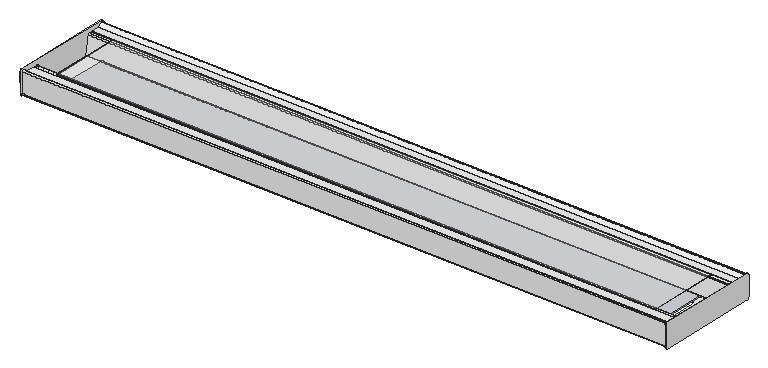
Revit family "ALRR", category Lighting Fixtures, host Ceiling, Revit 2023
Family settings
  Host = Ceiling
  Round Connector Dimension = Use Diameter
  Part Type = Normal
  OmniClass Number = 23.80.70.11.14.17
  OmniClass Title = Direct/Indirect
  Always vertical = Yes
  Cut with Voids When Loaded = No
  Light Source = Yes
  Maintain Annotation Orientation = No
  Shared = No
  Room Calculation Point = No
Parameters (values of type "ALRR48-LED840K7.5LFUNV-LD91")
  Width = 0' - 7 5/8"
  Wattage = 22 W
  built-in parameter 1150110 = 1 (stored number, unit not read)
  Voltage = 120 V
  URL = "https://viscor.com/products/alrr"
  built-in parameter 1114217 = 0.9 (stored number, unit not read)
  Tilt Angle = 180.00°  # constant formula
  built-in parameter 1150109 = 1 (stored number, unit not read)
  built-in parameter 1150134 = 12
  built-in parameter 1150113 = 1 (stored number, unit not read)
  Photometric Web File = "ALRR48-LED840K7.5LFUNV-LD91.ies"
  Model = "ALRR"  # constant formula
  Manufacturer = "VISIONEERING by VISCOR"  # constant formula
  Lumens = 3022.8 lm
  built-in parameter 1150115 = 1 (stored number, unit not read)
  built-in parameter 1150105 = 240.55 (stored number, unit not read)
  built-in parameter 1150137 = (empty or 0)
  built-in parameter 1150139 = (empty or 0)
  Lens Finish Top = Acrylic - Viscor - Clear
  Lens Finish Bottom = Acrylic - Viscor - Frosted
  Length = 4' - 0 25/256"
  Lamp Wattage = 22 VA
  built-in parameter 1150112 = 1 (stored number, unit not read)
  built-in parameter 1150114 = 1 (stored number, unit not read)
  Lamp = "LED"  # constant formula
  built-in parameter 1150132 = (empty or 0)
  built-in parameter 1150102 = (empty or 0)
  built-in parameter 1150138 = (empty or 0)
  built-in parameter 1150107 = 4000 (stored number, unit not read)
  built-in parameter 1150106 = 2.4055 (stored number, unit not read)
  Housing Finish = Metal - Viscor - White
  Emit from Line Length = Length  # 4' - 0 25/256"
  built-in parameter 1150104 = 12.765 (stored number, unit not read)
  Dimming Lamp Color Temperature Shift = <None>
  Description = "LED- Premium-Grade Suspended Linear Luminaire"  # constant formula
  Default Elevation = 0' - 0"
  Color Filter = 16777215
  built-in parameter 1114218 = 1 (stored number, unit not read)
  built-in parameter 1150133 = 10 (stored number, unit not read)
  Assembly Code = "D5020200"
  Apparent Load = Lamp Wattage  # 22 VA
Types (15): name | Wattage | Photometric Web File | Lumens | built-in parameter 1150105 | Lamp Wattage | built-in parameter 1150106 | built-in parameter 1150104 | Apparent Load
  (no name) | 22 W | "ALRR48-LED840K7.5LFUNV-LD91.ies" | 3022.8 lm | 240.55 (stored number, unit not read) | 22 VA | 2.4055 (stored number, unit not read) | 12.765 (stored number, unit not read) | 22 VA
  ALRR48-LED840K05LFUNV-LD72 | 15 W | "ALRR48-LED840K05LFUNV-LD72.ies" | 1954.5 lm | 155.53 (stored number, unit not read) | 15 VA | 1.5553 (stored number, unit not read) | 12.105 (stored number, unit not read) | 15 VA
  ALRR48-LED840K05LFUNV-LD91 | 15 W | "ALRR48-LED840K05LFUNV-LD91.ies" | 2070.9 lm | 164.8 (stored number, unit not read) | 15 VA | 1.648 (stored number, unit not read) | 12.826 (stored number, unit not read) | 15 VA
  ALRR48-LED840K7.5LFUNV-LD72 | 22 W | "ALRR48-LED840K7.5LFUNV-LD72.ies" | 2875.4 lm | 228.82 (stored number, unit not read) | 22 VA | 2.2882 (stored number, unit not read) | 12.142 (stored number, unit not read) | 22 VA
  ALRR48-LED840K7.5LFUNV-LD91 | 22 W | "ALRR48-LED840K7.5LFUNV-LD91.ies" | 3022.8 lm | 240.55 (stored number, unit not read) | 22 VA | 2.4055 (stored number, unit not read) | 12.765 (stored number, unit not read) | 22 VA
  ALRR48-LED840K10LFUNV-LD72 | 29 W | "ALRR48-LED840K10LFUNV-LD72.ies" | 3781.6 lm | 300.93 (stored number, unit not read) | 29 VA | 3.0093 (stored number, unit not read) | 12.115 (stored number, unit not read) | 29 VA
  ALRR48-LED840K10LFUNV-LD91 | 29 W | "ALRR48-LED840K10LFUNV-LD91.ies" | 4007.8 lm | 318.93 (stored number, unit not read) | 29 VA | 3.1893 (stored number, unit not read) | 12.839 (stored number, unit not read) | 29 VA
  ALRR48-LED840K12.5LFUNV-LD72 | 37 W | "ALRR48-LED840K12.5LFUNV-LD72.ies" | 4810 lm | 382.77 (stored number, unit not read) | 37 VA | 3.8277 (stored number, unit not read) | 12.077 (stored number, unit not read) | 37 VA
  ALRR48-LED840K12.5LFUNV-LD91 | 37 W | "ALRR48-LED840K12.5LFUNV-LD91.ies" | 5094.9 lm | 405.44 (stored number, unit not read) | 37 VA | 4.0544 (stored number, unit not read) | 12.793 (stored number, unit not read) | 37 VA
  ALRR48-LED840K15LFUNV-LD72 | 44 W | "ALRR48-LED840K15LFUNV-LD72.ies" | 5698 lm | 453.43 (stored number, unit not read) | 44 VA | 4.5343 (stored number, unit not read) | 12.031 (stored number, unit not read) | 44 VA
  ALRR48-LED840K15LFUNV-LD91 | 44 W | "ALRR48-LED840K15LFUNV-LD91.ies" | 6036.8 lm | 480.39 (stored number, unit not read) | 44 VA | 4.8039 (stored number, unit not read) | 12.746 (stored number, unit not read) | 44 VA
  ALRR48-LED840K17.5LFUNV-LD72 | 52 W | "ALRR48-LED840K17.5LFUNV-LD72.ies" | 6697.6 lm | 532.98 (stored number, unit not read) | 52 VA | 5.3298 (stored number, unit not read) | 11.966 (stored number, unit not read) | 52 VA
  ALRR48-LED840K17.5LFUNV-LD91 | 52 W | "ALRR48-LED840K17.5LFUNV-LD91.ies" | 7092.8 lm | 564.43 (stored number, unit not read) | 52 VA | 5.6443 (stored number, unit not read) | 12.672 (stored number, unit not read) | 52 VA
  ALRR48-LED840K20LFUNV-LD72 | 59 W | "ALRR48-LED840K20LFUNV-LD72.ies" | 7581.5 lm | 603.32 (stored number, unit not read) | 59 VA | 6.0332 (stored number, unit not read) | 11.938 (stored number, unit not read) | 59 VA
  ALRR48-LED840K20LFUNV-LD91 | 59 W | "ALRR48-LED840K20LFUNV-LD91.ies" | 8035.8 lm | 639.47 (stored number, unit not read) | 59 VA | 6.3947 (stored number, unit not read) | 12.653 (stored number, unit not read) | 59 VA
Reference planes (in)
  plane 1 "Light Source Axis (F/B)": y = 0
  plane 2 "Ceiling": z = 96
  plane 3 "Light Source Axis (L/R)": x = 0
  plane 4 "Light Source Elevation": z = 67.875
  plane 5: x = -24.04883
  plane 6: x = 24.04883
  plane 7: y = 3.8125
  plane 8: y = -3.8125
  plane 9: x = -24.00083
  plane 10: x = 24.00083
  plane 11: x = -22.29883
  plane 12: x = 22.29883
Forms (in)
  Extrusion 1, solid, material "Metal - Viscor - White" <- "Housing Finish"
    sketch origin (0, 0, 0) x (0, 1, 0) y (0, 0, 1)
      loop
        line (3.6875, 69.625) -> (-3.6875, 69.625)
        arc (-3.6875, 69.625) -> (-3.77589, 69.58839) -> (-3.8125, 69.5) r 0.125
        line (-3.8125, 69.5) -> (-3.8125, 68)
        arc (-3.8125, 68) -> (-3.77589, 67.91161) -> (-3.6875, 67.875) r 0.125
        line (-3.6875, 67.875) -> (3.6875, 67.875)
        arc (3.6875, 67.875) -> (3.77589, 67.91161) -> (3.8125, 68) r 0.125
        line (3.8125, 68) -> (3.8125, 69.5)
        arc (3.8125, 69.5) -> (3.77589, 69.58839) -> (3.6875, 69.625) r 0.125
    from 24.00083 to 24.04883
  Extrusion 2, solid, material "Metal - Viscor - White" <- "Housing Finish"
    sketch origin (0, 0, 0) x (0, 1, 0) y (0, 0, -1)
      loop
        arc (3.6875, -69.625) -> (3.77589, -69.58839) -> (3.8125, -69.5) r 0.125
        line (3.8125, -69.5) -> (3.8125, -68)
        arc (3.8125, -68) -> (3.77589, -67.91161) -> (3.6875, -67.875) r 0.125
        line (3.6875, -67.875) -> (-3.6875, -67.875)
        arc (-3.6875, -67.875) -> (-3.77589, -67.91161) -> (-3.8125, -68) r 0.125
        line (-3.8125, -68) -> (-3.8125, -69.5)
        arc (-3.8125, -69.5) -> (-3.77589, -69.58839) -> (-3.6875, -69.625) r 0.125
        line (-3.6875, -69.625) -> (3.6875, -69.625)
    from 24.00083 to 24.04883
  Extrusion 3, solid, material "Metal - Viscor - White" <- "Housing Finish"
    sketch origin (0, 0, 0) x (0, 1, 0) y (0, 0, 1)
      loop
        line (2.69199, 69.33425) -> (3.30654, 69.33425)
        arc (3.30654, 69.33425) -> (3.32595, 69.33681) -> (3.34404, 69.3443) r 0.075
        line (3.34404, 69.3443) -> (3.6555, 69.52412)
        arc (3.6555, 69.52412) -> (3.6945, 69.52412) -> (3.714, 69.49035) r 0.039
        line (3.714, 69.49035) -> (3.714, 68.00775)
        arc (3.714, 68.00775) -> (3.70258, 67.98017) -> (3.675, 67.96875) r 0.039
        line (3.675, 67.96875) -> (-3.675, 67.96875)
        arc (-3.675, 67.96875) -> (-3.70258, 67.98017) -> (-3.714, 68.00775) r 0.039
        line (-3.714, 68.00775) -> (-3.714, 69.49035)
        arc (-3.714, 69.49035) -> (-3.6945, 69.52412) -> (-3.6555, 69.52412) r 0.039
        line (-3.6555, 69.52412) -> (-3.34404, 69.3443)
        arc (-3.34404, 69.3443) -> (-3.32595, 69.33681) -> (-3.30654, 69.33425) r 0.075
        line (-3.30654, 69.33425) -> (-2.69199, 69.33425) -> (-2.69199, 69.37025) -> (-3.31699, 69.37025) -> (-3.6375, 69.5553)
        arc (-3.6375, 69.5553) -> (-3.7125, 69.5553) -> (-3.75, 69.49035) r 0.075
        line (-3.75, 69.49035) -> (-3.75, 68.00775)
        arc (-3.75, 68.00775) -> (-3.72803, 67.95472) -> (-3.675, 67.93275) r 0.075
        line (-3.675, 67.93275) -> (3.675, 67.93275)
        arc (3.675, 67.93275) -> (3.72803, 67.95472) -> (3.75, 68.00775) r 0.075
        line (3.75, 68.00775) -> (3.75, 69.49035)
        arc (3.75, 69.49035) -> (3.7125, 69.5553) -> (3.6375, 69.5553) r 0.075
        line (3.6375, 69.5553) -> (3.31699, 69.37025) -> (2.69199, 69.37025) -> (2.69199, 69.33425)
    from -24.00083 to 24.00083
  Extrusion 4, solid, material "Metal - Viscor - White" <- "Housing Finish"
    sketch origin (0, 0, 0) x (0, 1, 0) y (0, 0, 1)
      loop
        line (3.71699, 69.33425) -> (2.44971, 69.33425)
        arc (2.44971, 69.33425) -> (2.40536, 69.31811) -> (2.38176, 69.27723) r 0.069
        line (2.38176, 69.27723) -> (2.16351, 68.03946) -> (2.19428, 68.03403) -> (2.41083, 69.26216)
        arc (2.41083, 69.26216) -> (2.42464, 69.29513) -> (2.45951, 69.303) r 0.039
        line (2.45951, 69.303) -> (3.71699, 69.303) -> (3.71699, 69.33425)
    from -24.00083 to 24.00083
  Extrusion 5, solid, material "Metal - Viscor - White" <- "Housing Finish"
    sketch origin (0, 0, 0) x (0, -1, 0) y (0, 0, -1)
      loop
        line (3.71699, -69.33425) -> (3.71699, -69.303) -> (2.45951, -69.303)
        arc (2.45951, -69.303) -> (2.42464, -69.29513) -> (2.41083, -69.26216) r 0.039
        line (2.41083, -69.26216) -> (2.19428, -68.03403) -> (2.16351, -68.03946) -> (2.38176, -69.27723)
        arc (2.38176, -69.27723) -> (2.40536, -69.31811) -> (2.44971, -69.33425) r 0.069
        line (2.44971, -69.33425) -> (3.71699, -69.33425)
    from -24.00083 to 24.00083
  Extrusion 6, solid, material "Acrylic - Viscor - Clear" <- "Lens Finish Top"
    sketch origin (0, 0, 0) x (0, 1, 0) y (0, 0, 1)
      loop
        line (2.625, 69.33425) -> (2.625, 69.37425) -> (-2.625, 69.37425) -> (-2.625, 69.33425) -> (2.625, 69.33425)
    from -22.29883 to 22.29883
  Extrusion 7, void
    sketch origin (0, 0, -26.125) x (1, 0, 0) y (0, 1, 0)
      loop
        line (-22.00195, -1.4375) -> (22.00195, -1.4375) -> (22.00195, 1.4375) -> (-22.00195, 1.4375) -> (-22.00195, -1.4375)
    from 92.74099 to 94.09375
  Extrusion 8, solid
    sketch origin (0, 0, 0) x (0, 1, 0) y (0, 0, 1)
      loop
        arc (1.52578, 68.45413) -> (1.50422, 68.46477) -> (1.48047, 68.46842) r 0.079
        line (1.48047, 68.46842) -> (-1.48047, 68.46842)
        arc (-1.48047, 68.46842) -> (-1.50422, 68.46477) -> (-1.52578, 68.45413) r 0.079
        line (-1.52578, 68.45413) -> (-2.11974, 68.03824) -> (-2.0968, 68.00547) -> (-1.49276, 68.42842) -> (1.49276, 68.42842) -> (2.0968, 68.00547) -> (2.11974, 68.03824) -> (1.52578, 68.45413)
    from -22.29883 to 22.29883
Cuts and joins
  Extrusion 7 cuts Extrusion 3
Dimensions and locks (in)
  equal spacing: host sketch curve, plane 3 "Light Source Axis (L/R)", host sketch curve
  equal spacing: host sketch curve, plane 1 "Light Source Axis (F/B)", host sketch curve
  host sketch curve to host sketch curve = 10' - 0"  (x2)
  equal spacing: plane 5, plane 3 "Light Source Axis (L/R)", plane 6
  "Length": plane 5 to plane 6
  equal spacing: plane 7, plane 1 "Light Source Axis (F/B)", plane 8
  "Width": plane 7 to plane 8
  plane 7 to plane 1 "Light Source Axis (F/B)" = 0' - 3 13/16"
  plane 6 to plane 3 "Light Source Axis (L/R)" = 2' - 0.04883"
  plane 4 "Light Source Elevation" to host ceiling = 2' - 3 5/8"
  locked: plane 5 to plane 9 at 0.048
  locked: plane 10 to plane 6 at 0.048
  locked: plane 12 to plane 6 at 1.75
  locked: plane 11 to plane 5 at 1.75
  aligned and locked: plane 3 "Light Source Axis (L/R)" to imposter light
  aligned and locked: plane 1 "Light Source Axis (F/B)" to imposter light
  aligned and locked: plane 4 "Light Source Elevation" to imposter light
  aligned and locked: plane 6 to Extrusion 1
  aligned and locked: Extrusion 1 to plane 10
  aligned and locked: Extrusion 2 to plane 5
  aligned and locked: plane 9 to Extrusion 2
  aligned and locked: plane 10 to Extrusion 3
  aligned and locked: Extrusion 3 to plane 9
  aligned and locked: plane 10 to Extrusion 4
  aligned and locked: plane 10 to Extrusion 5
  aligned and locked: Extrusion 5 to plane 9
  aligned and locked: Extrusion 4 to plane 9
  aligned and locked: plane 12 to Extrusion 6
  aligned and locked: Extrusion 6 to plane 11
  aligned and locked: Extrusion 8 to plane 11
  aligned and locked: plane 12 to Extrusion 8
Automatic sketch dimensions
  Extrusion 1 sketch curve to plane 8 = 0' - 0"
  plane 4 "Light Source Elevation" to Extrusion 1 sketch curve = 0' - 0"
  Extrusion 1 sketch curve to plane 7 = 0' - 0"
  Extrusion 1 sketch curve to Extrusion 1 sketch curve = 0' - 0 1/8"
  plane 8 to Extrusion 1 sketch curve = 0' - 0 1/8"
  Extrusion 1 sketch curve to plane 7 = 0' - 0 1/8"  (x2)
  Extrusion 1 sketch curve to Extrusion 1 sketch curve = 0' - 1 1/2"
  Extrusion 2 sketch curve to plane 8 = 0' - 0"
  plane 4 "Light Source Elevation" to Extrusion 2 sketch curve = 0' - 0"
  Extrusion 2 sketch curve to plane 7 = 0' - 0"
  Extrusion 2 sketch curve to Extrusion 2 sketch curve = 0' - 0 1/8"
  plane 8 to Extrusion 2 sketch curve = 0' - 0 1/8"
  Extrusion 2 sketch curve to plane 7 = 0' - 0 1/8"  (x2)
  Extrusion 2 sketch curve to Extrusion 2 sketch curve = 0' - 1 1/2"
  Extrusion 3 sketch curve to Extrusion 3 sketch curve = 0' - 0"  (x8)
  plane 8 to Extrusion 3 sketch curve = 0' - 0 1/16"
  Extrusion 3 sketch curve to Extrusion 3 sketch curve = 0' - 0.036"  (x3)
  Extrusion 3 sketch curve to plane 4 "Light Source Elevation" = 0' - 0.05775"
  Extrusion 3 sketch curve to Extrusion 3 sketch curve = 0' - 0.039"  (x3)
  Extrusion 3 sketch curve to Extrusion 3 sketch curve = 0' - 0.0195"  (x2)
  Extrusion 3 sketch curve to Extrusion 3 sketch curve = 0' - 0.018"  (x2)
  Extrusion 3 sketch curve to Extrusion 3 sketch curve = 0' - 0.31146"
  Extrusion 3 sketch curve to Extrusion 3 sketch curve = 0' - 0.02705"  (x2)
  Extrusion 3 sketch curve to Extrusion 3 sketch curve = 0' - 0.01045"  (x2)
  Extrusion 3 sketch curve to Extrusion 3 sketch curve = 0' - 0.61455"
  Extrusion 3 sketch curve to plane 7 = 0' - 1.12051"
  Extrusion 3 sketch curve to plane 7 = 0' - 0.50596"
  Extrusion 3 sketch curve to plane 7 = 0' - 0.175"
  Extrusion 3 sketch curve to plane 7 = 0' - 0.1375"
  Extrusion 3 sketch curve to plane 4 "Light Source Elevation" = 0' - 1.45925"  (x2)
  Extrusion 3 sketch curve to Extrusion 3 sketch curve = 0' - 0.01005"  (x2)
  Extrusion 3 sketch curve to Extrusion 3 sketch curve = 0' - 0.14605"  (x2)
  plane 8 to Extrusion 6 sketch curve = 0' - 1 3/16"
  Extrusion 6 sketch curve to plane 7 = 0' - 1 3/16"
  Extrusion 6 sketch curve to plane 4 "Light Source Elevation" = 0' - 1.45925"
  Extrusion 6 sketch curve to Extrusion 6 sketch curve = 0' - 0.04"
  plane 11 to Extrusion 7 sketch curve = 0' - 0 19/64"
  Extrusion 7 sketch curve to plane 12 = 0' - 0 19/64"
  plane 1 "Light Source Axis (F/B)" to Extrusion 7 sketch curve = 0' - 1 7/16"
  Extrusion 7 sketch curve to plane 1 "Light Source Axis (F/B)" = 0' - 1 7/16"
  Extrusion 4 sketch curve to Extrusion 4 sketch curve = 0' - 0"  (x2)
  Extrusion 4 sketch curve to plane 7 = 0' - 1.43074"
  Extrusion 4 sketch curve to Extrusion 4 sketch curve = 0' - 0.02907"
  Extrusion 4 sketch curve to Extrusion 4 sketch curve = 0' - 0.03888"
  Extrusion 4 sketch curve to Extrusion 4 sketch curve = 0' - 0.00979"
  Extrusion 4 sketch curve to plane 7 = 0' - 0.09551"
  Extrusion 4 sketch curve to Extrusion 4 sketch curve = 0' - 0.00309"
  Extrusion 4 sketch curve to Extrusion 4 sketch curve = 0' - 0.01507"
  Extrusion 4 sketch curve to Extrusion 4 sketch curve = 0' - 0.21655"
  Extrusion 4 sketch curve to plane 4 "Light Source Elevation" = 0' - 0.15903"
  Extrusion 4 sketch curve to Extrusion 4 sketch curve = 0' - 0.03078"
  Extrusion 5 sketch curve to Extrusion 5 sketch curve = 0' - 0"  (x2)
  plane 8 to Extrusion 5 sketch curve = 0' - 1.43074"
  Extrusion 5 sketch curve to Extrusion 5 sketch curve = 0' - 0.02907"
  Extrusion 5 sketch curve to Extrusion 5 sketch curve = 0' - 0.03888"
  Extrusion 5 sketch curve to Extrusion 5 sketch curve = 0' - 0.00979"
  plane 8 to Extrusion 5 sketch curve = 0' - 0.09551"
  Extrusion 5 sketch curve to Extrusion 5 sketch curve = 0' - 0 1/32"
  Extrusion 5 sketch curve to Extrusion 5 sketch curve = 0' - 0.02577"
  Extrusion 5 sketch curve to Extrusion 5 sketch curve = 0' - 0.21655"
  Extrusion 5 sketch curve to plane 4 "Light Source Elevation" = 0' - 0.15903"
  Extrusion 5 sketch curve to Extrusion 5 sketch curve = 0' - 0.03078"
  Extrusion 8 sketch curve to plane 4 "Light Source Elevation" = 0' - 0.51442"
  Extrusion 8 sketch curve to plane 1 "Light Source Axis (F/B)" = 0' - 1 123/256"
  Extrusion 8 sketch curve to Extrusion 8 sketch curve = 0' - 0.04531"  (x2)
  Extrusion 8 sketch curve to plane 4 "Light Source Elevation" = 0' - 0.16324"  (x2)
  plane 1 "Light Source Axis (F/B)" to Extrusion 8 sketch curve = 0' - 1 123/256"
  Extrusion 8 sketch curve to Extrusion 8 sketch curve = 0' - 0.079"
  Extrusion 8 sketch curve to plane 4 "Light Source Elevation" = 0' - 0.13047"  (x2)
  Extrusion 8 sketch curve to Extrusion 8 sketch curve = 0' - 0.02294"
  Extrusion 8 sketch curve to Extrusion 8 sketch curve = 0' - 0.0123"  (x2)
  Extrusion 8 sketch curve to plane 4 "Light Source Elevation" = 0' - 0.55342"
Connectors (in)
  electrical at (0, 0, 67.875), driven by "Voltage", driven by "Lamp Wattage"
    settings: index 1, voltage 120 V, apparent load 0 VA, apparent load phase1 22 VA, apparent load phase2 0 VA, apparent load phase3 0 VA, power factor 1, load classification "Other", number of poles 1, system type 31, power factor state 1, is connector primary yes, connector utility no, sub classification motor no, connector description ""
